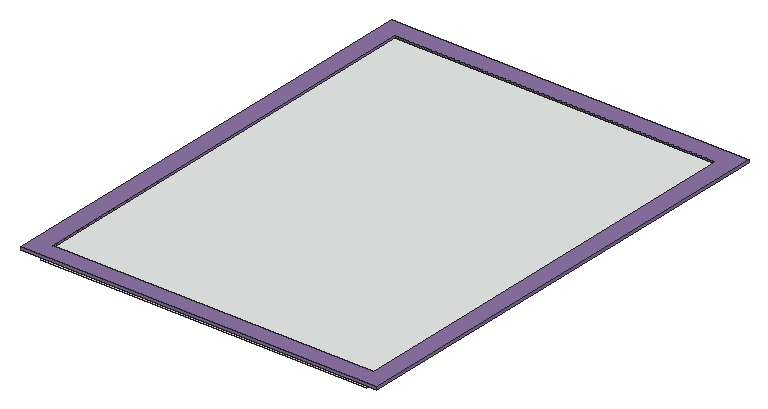
Revit family "Clarus_Float Transition_R20", category Furniture, host Face, Revit 2020
Family settings
  Host = Face
  Cut with Voids When Loaded = No
  Shared = No
  Room Calculation Point = No
Parameters (values of type "36" X 48"")
  Width = 36"
  URL = "https://www.clarus.com/"
  TRC Standards [instance] = "http://therevitcollection.com/news/trc-news-the-revit-collection-standards-explained/"
  Insert [instance] = Clarus Stainless Steel
  Product URL = "https://www.clarus.com/float-transition/"
  More Revit Families! [instance] = "www.therevitcollection.com"
  Modeled By = "Commense Studio"  # constant formula
  Model = "Float Transition"  # constant formula
  Manufacturer = "Clarus"  # constant formula
  Glass Thickness = 1/4"
  Clarus Glass [instance] = CBC-705 Personable Purple
  Description = "When inspiration strikes, make sure you have the perfect canvas to capture your creativity.\r\nWhile maintaining the sleek design and concealed hardware of the traditional Float™\r\nglassboard, Float Transition allows you to interchange your graphics, signage, or artwork as\r\ninspiration arises. The proprietary hardware, designed by Clarus engineers, not only allows\r\nfor easier mounting on uneven surfaces, but also features spring-loaded pressure points\r\nthat enables users to utilize graphic inserts of various thicknesses up to 1/4''."  # constant formula
  Height = 48"
  Designer = ""
  Depth = 1"  # constant formula
  Default Elevation = 0"
  Backer & Mount [instance] = CBC-100 Pure White
  Assembly Code = ""
Types (13): name | Width | Insert | Clarus Glass | Height
  (no name) | 36" | Clarus Stainless Steel | CBC-705 Personable Purple | 48"
  12" X 18" | 12" | Clarus Stainless Steel | CBC-223 Deep Blue | 18"
  8.5" X 11" | 8 1/2" | Clarus Stainless Steel | CBC-223 Deep Blue | 11"
  14" X 22" | 14" | Clarus Stainless Steel | CBC-306 Gallant Green | 22"
  14" X 36" | 14" | Clarus Stainless Steel | CBC-306 Gallant Green | 36"
  18" X 24" | 18" | Clarus Stainless Steel | CBC-503 POP Orange | 24"
  20" X 30" | 20" | CBC-100 Pure White | CBC-503 POP Orange | 30"
  24" X 36" | 24" | Clarus Stainless Steel | CBC-503 POP Orange | 36"
  22" X 28" | 22" | Clarus Stainless Steel | CBC-503 POP Orange | 28"
  30" X 40" | 30" | Clarus Stainless Steel | CBC-603 POP Pink | 40"
  27" X 40" | 27" | Clarus Stainless Steel | CBC-603 POP Pink | 40"
  11" X 17" | 11" | Clarus Stainless Steel | CBC-705 Personable Purple | 17"
  36" X 48" | 36" | Clarus Stainless Steel | CBC-705 Personable Purple | 48"
Reference planes (in)
  plane 1 "Center (Front/Back)": y = 0
  plane 2: z = 0
  plane 3 "Center (Left/Right)": x = 0
  plane 4 "L": x = -18
  plane 5 "R": x = 18
  plane 6 "B": y = 24
  plane 7 "F": y = -24
  plane 8: z = 1
  plane 9: z = 0.75
  plane 10: y = 26
  plane 11: x = 20
  plane 12: y = -26
  plane 13: x = -20
  plane 14: y = 25
  plane 15: y = -25
  plane 16: x = -19
  plane 17: x = 19
  plane 18: y = 25.25
  plane 19: y = 24.75
  plane 20: y = -25.25
  plane 21: y = -24.75
  plane 22: z = 0.375
  plane 23: z = 0.5
Forms (in)
  Extrusion 1, solid, material "Clarus Stainless Steel" <- "Insert"
    sketch origin (0, 0, 0) x (1, 0, 0) y (0, 1, 0)
      loop
        line (-18.25, 24.25) -> (-18.25, -24.25) -> (18.25, -24.25) -> (18.25, 24.25) -> (-18.25, 24.25)
    from 0.5 to 0.75
  Extrusion 2, solid, material "CBC-705 Personable Purple" <- "Clarus Glass"
    sketch origin (0, 0, 0) x (1, 0, 0) y (0, 1, 0)
      loop
        line (-20, 26) -> (-20, -26) -> (20, -26) -> (20, 26) -> (-20, 26)
      loop
        line (-18, 24) -> (-18, -24) -> (18, -24) -> (18, 24) -> (-18, 24)
    from 0.75 to 1
  Extrusion 3, solid, material "CBC-100 Pure White" <- "Backer & Mount"
    sketch origin (0, 0, 0) x (1, 0, 0) y (0, 1, 0)
      loop
        arc (-18.875, -24.75) -> (-18.96339, -24.78661) -> (-19, -24.875) r 0.125
        line (-19, -24.875) -> (-19, -25.125)
        arc (-19, -25.125) -> (-18.96339, -25.21339) -> (-18.875, -25.25) r 0.125
        line (-18.875, -25.25) -> (18.875, -25.25)
        arc (18.875, -25.25) -> (18.96339, -25.21339) -> (19, -25.125) r 0.125
        line (19, -25.125) -> (19, -24.875)
        arc (19, -24.875) -> (18.96339, -24.78661) -> (18.875, -24.75) r 0.125
        line (18.875, -24.75) -> (-18.875, -24.75)
    from 0.375 to 0.75
  Extrusion 4, solid, material "CBC-100 Pure White" <- "Backer & Mount"
    sketch origin (0, 0, 0) x (1, 0, 0) y (0, 1, 0)
      loop
        arc (-18.875, 25.25) -> (-18.96339, 25.21339) -> (-19, 25.125) r 0.125
        line (-19, 25.125) -> (-19, 24.875)
        arc (-19, 24.875) -> (-18.96339, 24.78661) -> (-18.875, 24.75) r 0.125
        line (-18.875, 24.75) -> (18.875, 24.75)
        arc (18.875, 24.75) -> (18.96339, 24.78661) -> (19, 24.875) r 0.125
        line (19, 24.875) -> (19, 25.125)
        arc (19, 25.125) -> (18.96339, 25.21339) -> (18.875, 25.25) r 0.125
        line (18.875, 25.25) -> (-18.875, 25.25)
    from 0.375 to 0.75
  Extrusion 5, solid, material "CBC-100 Pure White" <- "Backer & Mount"
    sketch origin (0, 0, 0) x (1, 0, 0) y (0, 1, 0)
      loop
        line (-18.25, 25.25) -> (-18.25, 21.75) -> (-16.12868, 19.62868) -> (-16.12868, -19.62868) -> (-18.25, -21.75) -> (-18.25, -25.25) -> (18.25, -25.25) -> (18.25, -21.75) -> (16.12868, -19.62868) -> (16.12868, 19.62868) -> (18.25, 21.75) -> (18.25, 25.25) -> (-18.25, 25.25)
    from 0 to 0.375
Dimensions and locks (in)
  equal spacing: plane 4 "L", plane 3 "Center (Left/Right)", plane 5 "R"
  "Width": plane 4 "L" to plane 5 "R"
  equal spacing: plane 7 "F", plane 1 "Center (Front/Back)", plane 6 "B"
  "Height": plane 7 "F" to plane 6 "B"
  "Depth": plane 8 to level
  "Glass Thickness": plane 8 to plane 9
  locked: plane 6 "B" to plane 10 at 2
  locked: plane 5 "R" to plane 11 at 2
  locked: plane 7 "F" to plane 12 at 2
  locked: plane 4 "L" to plane 13 at 2
  locked: plane 14 to plane 10 at 1
  plane 15 to plane 12 = 1"
  plane 13 to plane 16 = 1"
  plane 11 to plane 17 = 1"
  plane 18 to plane 14 to plane 19 = 1/4" locked, 1/4" locked
  plane 20 to plane 15 to plane 21 = 1/4" locked, 1/4" locked
  locked: plane 9 to plane 22 at 0.375
  locked: plane 9 to plane 23 at 0.25
  plane 18 to Extrusion 5 sketch curve to Extrusion 5 sketch curve = 3 1/2" locked, 2.12132" locked
  aligned and locked: plane 2 to host face
  aligned and locked: level to host face
  aligned and locked: Extrusion 2 to plane 9
  aligned and locked: plane 8 to Extrusion 2
  aligned and locked: plane 9 to Extrusion 3
  aligned and locked: plane 9 to Extrusion 4
  aligned and locked: Extrusion 3 to plane 22
  aligned and locked: Extrusion 4 to plane 22
  aligned and locked: Extrusion 1 to plane 23
  aligned and locked: plane 9 to Extrusion 1
  aligned and locked: plane 22 to Extrusion 5
  aligned and locked: Extrusion 5 sketch curve to plane 18
Automatic sketch dimensions
  host sketch curve to host sketch curve = 96"  (x2)
  Extrusion 1 sketch curve to plane 6 "B" = 1/4"
  plane 5 "R" to Extrusion 1 sketch curve = 1/4"
  Extrusion 1 sketch curve to plane 4 "L" = 1/4"
  plane 7 "F" to Extrusion 1 sketch curve = 1/4"
  Extrusion 2 sketch curve to plane 4 "L" = 2"
  plane 5 "R" to Extrusion 2 sketch curve = 2"
  plane 7 "F" to Extrusion 2 sketch curve = 2"
  Extrusion 2 sketch curve to plane 6 "B" = 2"
  plane 12 to Extrusion 2 sketch curve = 2"
  plane 13 to Extrusion 2 sketch curve = 2"
  plane 11 to Extrusion 2 sketch curve = 2"
  plane 10 to Extrusion 2 sketch curve = 2"
  Extrusion 3 sketch curve to plane 16 = 0"
  Extrusion 3 sketch curve to plane 21 = 0"
  plane 20 to Extrusion 3 sketch curve = 0"
  Extrusion 3 sketch curve to plane 17 = 0"
  Extrusion 3 sketch curve to plane 16 = 1/8"
  Extrusion 3 sketch curve to Extrusion 3 sketch curve = 1/8"  (x2)
  Extrusion 3 sketch curve to plane 15 = 1/8"
  Extrusion 4 sketch curve to plane 16 = 0"
  Extrusion 4 sketch curve to plane 18 = 0"
  plane 19 to Extrusion 4 sketch curve = 0"
  Extrusion 4 sketch curve to plane 17 = 0"
  Extrusion 4 sketch curve to plane 16 = 1/8"
  Extrusion 4 sketch curve to Extrusion 4 sketch curve = 1/8"  (x2)
  Extrusion 4 sketch curve to plane 14 = 1/8"
  Extrusion 5 sketch curve to plane 20 = 0"
  Extrusion 5 sketch curve to plane 4 "L" = 1/4"  (x2)
  plane 5 "R" to Extrusion 5 sketch curve = 1/4"  (x2)
  Extrusion 5 sketch curve to plane 7 "F" = 2 1/4"  (x2)
  plane 6 "B" to Extrusion 5 sketch curve = 4.37132"
  plane 6 "B" to Extrusion 5 sketch curve = 2 1/4"
  plane 4 "L" to Extrusion 5 sketch curve = 1.87132"
  Extrusion 5 sketch curve to plane 5 "R" = 1.87132"
  Extrusion 5 sketch curve to Extrusion 5 sketch curve = 2.12132"  (x2)
